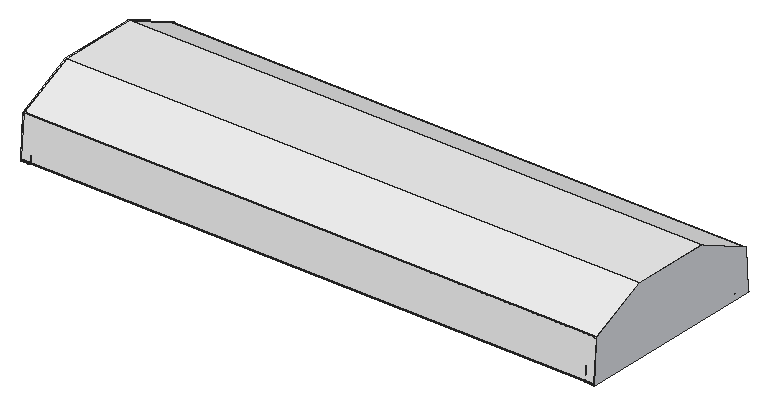
Revit family "LHBN48", category Lighting Fixtures, host Ceiling, Revit 2023
Family settings
  Host = Ceiling
  Round Connector Dimension = Use Diameter
  Part Type = Normal
  OmniClass Number = 23.80.70.11.14.11
  OmniClass Title = Downlights
  Always vertical = Yes
  Cut with Voids When Loaded = No
  Light Source = Yes
  Maintain Annotation Orientation = No
  Shared = No
  Room Calculation Point = No
Parameters (values of type "LHBN48-LED840K240LUNV")
  Width = 1' - 4"
  Wattage = 204.828 W
  built-in parameter 1150110 = 1 (stored number, unit not read)
  Voltage = 120 V  # constant formula
  URL = "https://viscor.com/products/lhbn"
  built-in parameter 1114217 = 0.9 (stored number, unit not read)
  Tilt Angle = 90.00°
  built-in parameter 1150109 = 1 (stored number, unit not read)
  built-in parameter 1150134 = 12
  built-in parameter 1150113 = 1 (stored number, unit not read)
  Photometric Web File = "LHBN48-LED840K240LUNV.ies"
  Model = "LHBN"  # constant formula
  Manufacturer = "VISIONEERING by VISCOR"  # constant formula
  Lumens = 21425 lm
  built-in parameter 1150115 = 1 (stored number, unit not read)
  built-in parameter 1150105 = 1704.9 (stored number, unit not read)
  Louver Finish = Metal - Viscor - White Gloss F06
  built-in parameter 1150137 = (empty or 0)
  built-in parameter 1150139 = (empty or 0)
  Lens Finish = Acrylic - Viscor - Frosted, Impact Round Extruded
  Length = 3' - 11 3/4"
  Lamp Wattage = 204.7 VA
  built-in parameter 1150112 = 1 (stored number, unit not read)
  built-in parameter 1150114 = 1 (stored number, unit not read)
  Lamp = "LED"  # constant formula
  built-in parameter 1150132 = (empty or 0)
  built-in parameter 1150102 = (empty or 0)
  built-in parameter 1150138 = (empty or 0)
  built-in parameter 1150107 = 4000 (stored number, unit not read)
  built-in parameter 1150106 = 17.049 (stored number, unit not read)
  Housing Finish = Metal - Viscor - White
  Height = 0' - 5 1/2"
  Emit from Rectangle Width = Width  # 1' - 4"
  Emit from Rectangle Length = Length  # 3' - 11 3/4"
  Emit Shape Visible in Rendering = no
  built-in parameter 1150104 = 9.7177 (stored number, unit not read)
  Dimming Lamp Color Temperature Shift = <None>
  Description = "LED - Linear High-Bay Narrow"  # constant formula
  Default Elevation = 0' - 0"
  Color Filter = 16777215
  built-in parameter 1114218 = 1 (stored number, unit not read)
  built-in parameter 1150133 = 10 (stored number, unit not read)
  Assembly Code = "D5020200"
  Apparent Load = Lamp Wattage  # 204.7 VA
Types (9): name | Wattage | Photometric Web File | Lumens | built-in parameter 1150105 | Lamp Wattage | built-in parameter 1150106 | built-in parameter 1150104 | Apparent Load
  (no name) | 204.828 W | "LHBN48-LED840K240LUNV.ies" | 21425 lm | 1704.9 (stored number, unit not read) | 204.7 VA | 17.049 (stored number, unit not read) | 9.7177 (stored number, unit not read) | 204.7 VA
  LHBN48-LED840K120LUNV-C27 | 100.121 W | "LHBN48-LED840K120LUNV-C27.ies" | 12435 lm | 989.55 (stored number, unit not read) | 100.1 VA | 9.8955 (stored number, unit not read) | 11.539 (stored number, unit not read) | 100.1 VA
  LHBN48-LED840K150LUNV-C27 | 117.629 W | "LHBN48-LED840K150LUNV-C27.ies" | 15033 lm | 1196.3 (stored number, unit not read) | 117.6 VA | 11.963 (stored number, unit not read) | 11.873 (stored number, unit not read) | 117.6 VA
  LHBN48-LED840K180LUNV-C27 | 158.705 W | "LHBN48-LED840K180LUNV-C27.ies" | 19981 lm | 1590 (stored number, unit not read) | 158.7 VA | 15.9 (stored number, unit not read) | 11.696 (stored number, unit not read) | 158.7 VA
  LHBN48-LED840K240LUNV-C27 | 204.722 W | "LHBN48-LED840K240LUNV-C27.ies" | 24321 lm | 1935.4 (stored number, unit not read) | 204.7 VA | 19.354 (stored number, unit not read) | 11.037 (stored number, unit not read) | 204.7 VA
  LHBN48-LED840K120LUNV | 100.128 W | "LHBN48-LED840K120LUNV.ies" | 10954 lm | 871.69 (stored number, unit not read) | 100.1 VA | 8.7169 (stored number, unit not read) | 10.164 (stored number, unit not read) | 100.1 VA
  LHBN48-LED840K150LUNV | 117.696 W | "LHBN48-LED840K150LUNV.ies" | 13335 lm | 1061.2 (stored number, unit not read) | 117.6 VA | 10.612 (stored number, unit not read) | 10.526 (stored number, unit not read) | 117.6 VA
  LHBN48-LED840K180LUNV | 158.729 W | "LHBN48-LED840K180LUNV.ies" | 17603 lm | 1400.8 (stored number, unit not read) | 158.7 VA | 14.008 (stored number, unit not read) | 10.303 (stored number, unit not read) | 158.7 VA
  LHBN48-LED840K240LUNV | 204.828 W | "LHBN48-LED840K240LUNV.ies" | 21425 lm | 1704.9 (stored number, unit not read) | 204.7 VA | 17.049 (stored number, unit not read) | 9.7177 (stored number, unit not read) | 204.7 VA
Reference planes (in)
  plane 1 "Light Source Axis (F/B)": y = 0
  plane 2 "Ceiling": z = 240
  plane 3 "Light Source Axis (L/R)": x = 0
  plane 4 "Light Source Elevation": z = 234.3125
  plane 5: x = -23.875
  plane 6: x = 23.875
  plane 7: y = 8
  plane 8: y = -8
  plane 9: x = -23.845
  plane 10: x = 23.845
  plane 11: x = -22.985
  plane 12: x = 22.985
  plane 13: y = 6.482
  plane 14: y = -6.482
  plane 15: x = -22.3
  plane 16: x = 22.3
  plane 17: y = 5.75
  plane 18: y = -5.75
Forms (in)
  Extrusion 1, solid, material "Metal - Viscor - White" <- "Housing Finish"
    sketch origin (0, 0, 0) x (0, 1, 0) y (0, 0, 1)
      loop
        line (5.87464, 235.599) -> (6.46064, 235.599)
        arc (6.46064, 235.599) -> (6.48822, 235.58758) -> (6.49964, 235.56) r 0.039
        line (6.49964, 235.56) -> (6.49964, 234.92758)
        arc (6.49964, 234.92758) -> (6.50489, 234.90118) -> (6.51985, 234.87879) r 0.069
        line (6.51985, 234.87879) -> (6.97943, 234.41921)
        arc (6.97943, 234.41921) -> (7.00182, 234.40425) -> (7.02822, 234.399) r 0.069
        line (7.02822, 234.399) -> (7.92434, 234.399)
        arc (7.92434, 234.399) -> (7.97521, 234.42138) -> (7.99308, 234.47401) r 0.069
        line (7.99308, 234.47401) -> (7.70347, 237.78425)
        arc (7.70347, 237.78425) -> (7.69126, 237.81781) -> (7.6639, 237.84077) r 0.069
        line (7.6639, 237.84077) -> (3.25, 239.899) -> (-3.25, 239.899) -> (-7.6639, 237.84077)
        arc (-7.6639, 237.84077) -> (-7.69126, 237.81781) -> (-7.70347, 237.78425) r 0.069
        line (-7.70347, 237.78425) -> (-7.99308, 234.47401)
        arc (-7.99308, 234.47401) -> (-7.97521, 234.42138) -> (-7.92434, 234.399) r 0.069
        line (-7.92434, 234.399) -> (-7.02822, 234.399)
        arc (-7.02822, 234.399) -> (-7.00182, 234.40425) -> (-6.97943, 234.41921) r 0.069
        line (-6.97943, 234.41921) -> (-6.51985, 234.87879)
        arc (-6.51985, 234.87879) -> (-6.50489, 234.90118) -> (-6.49964, 234.92758) r 0.069
        line (-6.49964, 234.92758) -> (-6.49964, 235.56)
        arc (-6.49964, 235.56) -> (-6.48822, 235.58758) -> (-6.46064, 235.599) r 0.039
        line (-6.46064, 235.599) -> (-5.87464, 235.599) -> (-5.87464, 235.63025) -> (-6.46064, 235.63025)
        arc (-6.46064, 235.63025) -> (-6.51032, 235.60967) -> (-6.53089, 235.56) r 0.07025
        line (-6.53089, 235.56) -> (-6.53089, 234.91194) -> (-7.01259, 234.43025) -> (-7.92434, 234.43025)
        arc (-7.92434, 234.43025) -> (-7.95217, 234.4425) -> (-7.96195, 234.47129) r 0.03775
        line (-7.96195, 234.47129) -> (-7.67234, 237.78152)
        arc (-7.67234, 237.78152) -> (-7.66566, 237.79988) -> (-7.65069, 237.81244) r 0.03775
        line (-7.65069, 237.81244) -> (-3.24307, 239.86775) -> (3.24307, 239.86775) -> (7.65069, 237.81244)
        arc (7.65069, 237.81244) -> (7.66566, 237.79988) -> (7.67234, 237.78152) r 0.03775
        line (7.67234, 237.78152) -> (7.96195, 234.47129)
        arc (7.96195, 234.47129) -> (7.95217, 234.4425) -> (7.92434, 234.43025) r 0.03775
        line (7.92434, 234.43025) -> (7.01259, 234.43025) -> (6.53089, 234.91194) -> (6.53089, 235.56)
        arc (6.53089, 235.56) -> (6.51032, 235.60967) -> (6.46064, 235.63025) r 0.07025
        line (6.46064, 235.63025) -> (5.87464, 235.63025) -> (5.87464, 235.599)
    from -23.845 to 23.845
  Extrusion 2, solid
    sketch origin (0, 0, 0) x (0, 1, 0) y (0, 0, 1)
      loop
        line (8, 234.364) -> (8, 234.509) -> (7.70949, 237.8295) -> (3.25, 239.909) -> (-3.25, 239.909) -> (-7.70949, 237.8295) -> (-8, 234.509) -> (-8, 234.364) -> (8, 234.364)
    from 23.845 to 23.875
  Extrusion 3, solid, material "Metal - Viscor - White" <- "Housing Finish"
    sketch origin (0, 0, 0) x (0, 1, 0) y (0, 0, -1)
      loop
        line (8, -234.364) -> (-8, -234.364) -> (-8, -234.509) -> (-7.70949, -237.8295) -> (-3.25, -239.909) -> (3.25, -239.909) -> (7.70949, -237.8295) -> (8, -234.509) -> (8, -234.364)
    from 23.845 to 23.875
  Extrusion 4, solid, material "Metal - Viscor - White" <- "Housing Finish"
    sketch origin (0, 0, 0) x (1, 0, 0) y (0, 0, 1)
      loop
        line (-23.845, 234.36441) -> (-23.124, 234.36441)
        arc (-23.124, 234.36441) -> (-23.07521, 234.38462) -> (-23.055, 234.43341) r 0.069
        line (-23.055, 234.43341) -> (-23.055, 235.56041)
        arc (-23.055, 235.56041) -> (-23.04358, 235.58799) -> (-23.016, 235.59941) r 0.039
        line (-23.016, 235.59941) -> (-22.68, 235.59941) -> (-22.68, 235.63066) -> (-23.016, 235.63066)
        arc (-23.016, 235.63066) -> (-23.06567, 235.61009) -> (-23.08625, 235.56041) r 0.07025
        line (-23.08625, 235.56041) -> (-23.08625, 234.43341)
        arc (-23.08625, 234.43341) -> (-23.09731, 234.40672) -> (-23.124, 234.39566) r 0.03775
        line (-23.124, 234.39566) -> (-23.845, 234.39566) -> (-23.845, 234.36441)
    from -8 to 8
  Extrusion 5, solid, material "Metal - Viscor - White" <- "Housing Finish"
    sketch origin (0, 0, 0) x (-1, 0, 0) y (0, 0, -1)
      loop
        line (-23.845, -234.36441) -> (-23.845, -234.39566) -> (-23.124, -234.39566)
        arc (-23.124, -234.39566) -> (-23.09731, -234.40672) -> (-23.08625, -234.43341) r 0.03775
        line (-23.08625, -234.43341) -> (-23.08625, -235.56041)
        arc (-23.08625, -235.56041) -> (-23.06567, -235.61009) -> (-23.016, -235.63066) r 0.07025
        line (-23.016, -235.63066) -> (-22.68, -235.63066) -> (-22.68, -235.59941) -> (-23.016, -235.59941)
        arc (-23.016, -235.59941) -> (-23.04358, -235.58799) -> (-23.055, -235.56041) r 0.039
        line (-23.055, -235.56041) -> (-23.055, -234.43341)
        arc (-23.055, -234.43341) -> (-23.07521, -234.38462) -> (-23.124, -234.36441) r 0.069
        line (-23.124, -234.36441) -> (-23.845, -234.36441)
    from -8 to 8
  Extrusion 6, void
    sketch origin (0, 0, 0) x (0, 1, 0) y (0, 0, 1)
      loop
        line (7.95865, 234.509) -> (8, 234.509) -> (8, 235.63066) -> (7.86052, 235.63066) -> (7.95865, 234.509)
    from -23.875 to 23.875
  Extrusion 7, void
    sketch origin (0, 0, 0) x (0, -1, 0) y (0, 0, -1)
      loop
        line (7.95865, -234.509) -> (7.86052, -235.63066) -> (8, -235.63066) -> (8, -234.509) -> (7.95865, -234.509)
    from -23.845 to 23.875
  Extrusion 8, solid, material "Metal - Viscor - White" <- "Housing Finish"
    sketch origin (0, 0, 0) x (0, 1, 0) y (0, 0, 1)
      loop
        line (6.406, 235.599) -> (-6.406, 235.599)
        arc (-6.406, 235.599) -> (-6.45479, 235.57879) -> (-6.475, 235.53) r 0.069
        line (-6.475, 235.53) -> (-6.475, 234.98)
        arc (-6.475, 234.98) -> (-6.45479, 234.93121) -> (-6.406, 234.911) r 0.069
        line (-6.406, 234.911) -> (6.406, 234.911)
        arc (6.406, 234.911) -> (6.45479, 234.93121) -> (6.475, 234.98) r 0.069
        line (6.475, 234.98) -> (6.475, 235.53)
        arc (6.475, 235.53) -> (6.45479, 235.57879) -> (6.406, 235.599) r 0.069
      loop
        arc (-6.406, 235.56775) -> (-6.43269, 235.55669) -> (-6.44375, 235.53) r 0.03775
        line (-6.44375, 235.53) -> (-6.44375, 234.98)
        arc (-6.44375, 234.98) -> (-6.43269, 234.95331) -> (-6.406, 234.94225) r 0.03775
        line (-6.406, 234.94225) -> (6.406, 234.94225)
        arc (6.406, 234.94225) -> (6.43269, 234.95331) -> (6.44375, 234.98) r 0.03775
        line (6.44375, 234.98) -> (6.44375, 235.53)
        arc (6.44375, 235.53) -> (6.43269, 235.55669) -> (6.406, 235.56775) r 0.03775
        line (6.406, 235.56775) -> (-6.406, 235.56775)
    from -22.985 to 22.985
  Extrusion 9, void
    sketch origin (0, 0, 90.375) x (0, 1, 0) y (-1, 0, 0)
      loop
        line (5.75, 22.3) -> (-5.75, 22.3) -> (-5.75, -22.3) -> (5.75, -22.3) -> (5.75, 22.3)
    from 144.41659 to 144.9375
  Extrusion 10, solid, material "Acrylic - Viscor - Frosted, Impact Round Extruded" <- "Lens Finish"
    sketch origin (0, 0, 0) x (0, 1, 0) y (0, 0, 1)
      loop
        line (6.4375, 234.964) -> (6.4375, 235.12148) -> (-6.4375, 235.12148) -> (-6.4375, 234.964) -> (6.4375, 234.964)
    from -22.53906 to 22.68
Cuts and joins
  Extrusion 7 cuts Extrusion 2
  Extrusion 6, Extrusion 7 cuts Extrusion 4
  Extrusion 6, Extrusion 7 cuts Extrusion 5
Dimensions and locks (in)
  equal spacing: host sketch curve, plane 3 "Light Source Axis (L/R)", host sketch curve
  equal spacing: host sketch curve, plane 1 "Light Source Axis (F/B)", host sketch curve
  host sketch curve to host sketch curve = 10' - 0"  (x2)
  equal spacing: plane 5, plane 3 "Light Source Axis (L/R)", plane 6
  "Length": plane 5 to plane 6
  equal spacing: plane 7, plane 1 "Light Source Axis (F/B)", plane 8
  "Width": plane 7 to plane 8
  locked: plane 5 to plane 9 at 0.03
  locked: plane 10 to plane 6 at 0.03
  locked: plane 5 to plane 11 at 0.89
  locked: plane 12 to plane 6 at 0.89
  locked: plane 13 to plane 7 at 1.518
  plane 8 to plane 14 to plane 1 "Light Source Axis (F/B)" = 0' - 1.518" locked, 0' - 6.482"
  equal spacing: plane 15, plane 3 "Light Source Axis (L/R)", plane 16, locked at 22.3 each
  plane 15 to plane 16 = 3' - 8.6"
  equal spacing: plane 17, plane 1 "Light Source Axis (F/B)", plane 18, locked at 5.75 each
  plane 17 to plane 18 = 0' - 11 1/2"
  aligned and locked: plane 3 "Light Source Axis (L/R)" to imposter light
  aligned and locked: imposter light to plane 1 "Light Source Axis (F/B)"
  aligned and locked: plane 4 "Light Source Elevation" to imposter light
  aligned and locked: Extrusion 1 to plane 9
  aligned and locked: plane 10 to Extrusion 1
  aligned and locked: plane 6 to Extrusion 2
  aligned and locked: Extrusion 3 to plane 5
  aligned and locked: plane 9 to Extrusion 3
  aligned and locked: Extrusion 2 to plane 10
  aligned and locked: plane 7 to Extrusion 4
  aligned and locked: Extrusion 4 to plane 8
  aligned and locked: Extrusion 5 to plane 8
  aligned and locked: plane 7 to Extrusion 5
  aligned and locked: Extrusion 8 to plane 11
  aligned and locked: plane 12 to Extrusion 8
  aligned and locked: Extrusion 9 to plane 15
  aligned and locked: Extrusion 9 to plane 17
  aligned and locked: plane 16 to Extrusion 9
  aligned and locked: Extrusion 9 to plane 18
Automatic sketch dimensions
  Extrusion 1 sketch curve to Extrusion 1 sketch curve = 0' - 0"  (x12)
  plane 8 to Extrusion 1 sketch curve = 0' - 0.00692"
  Extrusion 1 sketch curve to Extrusion 1 sketch curve = 0' - 0.03113"  (x3)
  Extrusion 1 sketch curve to Extrusion 1 sketch curve = 0' - 0.03761"  (x4)
  plane 8 to Extrusion 1 sketch curve = 0' - 0.29653"
  Extrusion 1 sketch curve to Extrusion 1 sketch curve = 0' - 0.00845"
  Extrusion 1 sketch curve to Extrusion 1 sketch curve = 0' - 0.01321"  (x2)
  Extrusion 1 sketch curve to plane 4 "Light Source Elevation" = 0' - 0.0865"
  Extrusion 1 sketch curve to plane 14 = 0' - 0.54622"
  Extrusion 1 sketch curve to Extrusion 1 sketch curve = 0' - 0 1/64"  (x4)
  Extrusion 1 sketch curve to plane 4 "Light Source Elevation" = 0' - 0.10671"  (x2)
  Extrusion 1 sketch curve to Extrusion 1 sketch curve = 0' - 0.03315"  (x2)
  Extrusion 1 sketch curve to plane 14 = 0' - 0.08664"
  Extrusion 1 sketch curve to plane 14 = 0' - 0.04889"
  Extrusion 1 sketch curve to Extrusion 1 sketch curve = 0' - 0.01104"  (x3)
  Extrusion 1 sketch curve to plane 14 = 0' - 0.01764"
  plane 14 to Extrusion 1 sketch curve = 0' - 0.02136"
  Extrusion 1 sketch curve to Extrusion 1 sketch curve = 0' - 0.586"
  Extrusion 1 sketch curve to plane 2 "Ceiling" = 0' - 0.101"
  plane 14 to Extrusion 1 sketch curve = 0' - 3.232"
  Extrusion 1 sketch curve to Extrusion 1 sketch curve = 0' - 0.00693"  (x2)
  Extrusion 1 sketch curve to plane 2 "Ceiling" = 0' - 0.13225"
  Extrusion 1 sketch curve to plane 13 = 0' - 3.23893"
  Extrusion 1 sketch curve to plane 13 = 0' - 0.60736"
  Extrusion 1 sketch curve to plane 13 = 0' - 0.02136"
  plane 13 to Extrusion 1 sketch curve = 0' - 0.01764"
  plane 13 to Extrusion 1 sketch curve = 0' - 0.03785"
  Extrusion 1 sketch curve to Extrusion 1 sketch curve = 0' - 0 1/32"
  Extrusion 1 sketch curve to Extrusion 1 sketch curve = 0' - 0.03775"  (x3)
  plane 13 to Extrusion 1 sketch curve = 0' - 0.49743"
  Extrusion 1 sketch curve to plane 7 = 0' - 0.36527"
  Extrusion 1 sketch curve to Extrusion 1 sketch curve = 0' - 0.01595"
  Extrusion 1 sketch curve to plane 7 = 0' - 0.07566"
  Extrusion 1 sketch curve to plane 7 = 0' - 0.00692"
  Extrusion 1 sketch curve to Extrusion 1 sketch curve = 0' - 0.02021"
  Extrusion 1 sketch curve to plane 4 "Light Source Elevation" = 0' - 0.56629"  (x2)
  Extrusion 1 sketch curve to Extrusion 1 sketch curve = 0' - 0.63242"  (x2)
  Extrusion 1 sketch curve to plane 2 "Ceiling" = 0' - 2.22177"  (x2)
  Extrusion 1 sketch curve to Extrusion 1 sketch curve = 0' - 0.00329"  (x2)
  Extrusion 1 sketch curve to Extrusion 1 sketch curve = 0' - 0.00272"  (x2)
  Extrusion 2 sketch curve to plane 8 = 0' - 0"
  Extrusion 2 sketch curve to plane 7 = 0' - 0"
  plane 8 to Extrusion 2 sketch curve = 0' - 0.29051"
  Extrusion 2 sketch curve to plane 2 "Ceiling" = 0' - 0.091"  (x2)
  plane 14 to Extrusion 2 sketch curve = 0' - 3.232"
  Extrusion 2 sketch curve to plane 13 = 0' - 3.232"
  Extrusion 2 sketch curve to plane 7 = 0' - 0.29051"
  Extrusion 2 sketch curve to plane 2 "Ceiling" = 0' - 2.1705"  (x2)
  Extrusion 2 sketch curve to plane 4 "Light Source Elevation" = 0' - 0.1965"  (x2)
  Extrusion 2 sketch curve to plane 4 "Light Source Elevation" = 0' - 0.0515"
  Extrusion 3 sketch curve to plane 8 = 0' - 0"
  Extrusion 3 sketch curve to plane 7 = 0' - 0"
  plane 8 to Extrusion 3 sketch curve = 0' - 0.29051"
  Extrusion 3 sketch curve to plane 2 "Ceiling" = 0' - 0.091"  (x2)
  plane 14 to Extrusion 3 sketch curve = 0' - 3.232"
  Extrusion 3 sketch curve to plane 13 = 0' - 3.232"
  Extrusion 3 sketch curve to plane 7 = 0' - 0.29051"
  Extrusion 3 sketch curve to plane 2 "Ceiling" = 0' - 2.1705"  (x2)
  Extrusion 3 sketch curve to plane 4 "Light Source Elevation" = 0' - 0.1965"  (x2)
  Extrusion 3 sketch curve to plane 4 "Light Source Elevation" = 0' - 0.0515"
  Extrusion 4 sketch curve to Extrusion 4 sketch curve = 0' - 0"  (x4)
  Extrusion 4 sketch curve to plane 9 = 0' - 0"
  Extrusion 4 sketch curve to plane 11 = 0' - 0.139"
  Extrusion 4 sketch curve to Extrusion 4 sketch curve = 0' - 0.03775"
  Extrusion 4 sketch curve to Extrusion 4 sketch curve = 0' - 0 1/32"
  Extrusion 4 sketch curve to plane 11 = 0' - 0.031"
  plane 11 to Extrusion 4 sketch curve = 0' - 0.305"
  Extrusion 4 sketch curve to plane 4 "Light Source Elevation" = 0' - 0.05191"
  Extrusion 4 sketch curve to Extrusion 4 sketch curve = 0' - 1.127"
  Extrusion 5 sketch curve to Extrusion 5 sketch curve = 0' - 0"  (x4)
  Extrusion 5 sketch curve to plane 10 = 0' - 0"
  plane 12 to Extrusion 5 sketch curve = 0' - 0.139"
  Extrusion 5 sketch curve to Extrusion 5 sketch curve = 0' - 0.03775"
  Extrusion 5 sketch curve to Extrusion 5 sketch curve = 0' - 0 1/32"
  plane 12 to Extrusion 5 sketch curve = 0' - 0.031"
  Extrusion 5 sketch curve to plane 12 = 0' - 0.305"
  Extrusion 5 sketch curve to plane 4 "Light Source Elevation" = 0' - 1.31816"
  Extrusion 5 sketch curve to plane 4 "Light Source Elevation" = 0' - 0.12091"
  Extrusion 6 sketch curve to plane 7 = 0' - 0"
  Extrusion 6 sketch curve to plane 4 "Light Source Elevation" = 0' - 1.31816"
  Extrusion 6 sketch curve to plane 7 = 0' - 0.04135"
  Extrusion 6 sketch curve to plane 7 = 0' - 0.13948"
  Extrusion 6 sketch curve to plane 4 "Light Source Elevation" = 0' - 0.1965"
  Extrusion 7 sketch curve to plane 8 = 0' - 0"
  plane 8 to Extrusion 7 sketch curve = 0' - 0.13948"
  Extrusion 7 sketch curve to plane 4 "Light Source Elevation" = 0' - 1.31816"
  plane 8 to Extrusion 7 sketch curve = 0' - 0.04135"
  Extrusion 7 sketch curve to plane 4 "Light Source Elevation" = 0' - 0.1965"
  Extrusion 8 sketch curve to plane 13 = 0' - 0.076"
  Extrusion 8 sketch curve to plane 13 = 0' - 0.007"
  Extrusion 8 sketch curve to plane 4 "Light Source Elevation" = 0' - 1.2175"
  Extrusion 8 sketch curve to Extrusion 8 sketch curve = 0' - 0.069"  (x3)
  plane 14 to Extrusion 8 sketch curve = 0' - 0.076"
  Extrusion 8 sketch curve to Extrusion 8 sketch curve = 0' - 0.55"
  Extrusion 8 sketch curve to Extrusion 8 sketch curve = 0' - 0 1/32"
  Extrusion 8 sketch curve to Extrusion 8 sketch curve = 0' - 0"  (x7)
  plane 18 to Extrusion 9 sketch curve = 0' - 0"
  Extrusion 9 sketch curve to plane 17 = 0' - 0"
  Extrusion 9 sketch curve to plane 16 = 0' - 0"
  plane 15 to Extrusion 9 sketch curve = 0' - 0"
  plane 14 to Extrusion 10 sketch curve = 0' - 0.0445"
  Extrusion 10 sketch curve to plane 13 = 0' - 0.0445"
  Extrusion 10 sketch curve to plane 4 "Light Source Elevation" = 0' - 0.6515"
  Extrusion 10 sketch curve to Extrusion 10 sketch curve = 0' - 0.15748"
Connectors (in)
  electrical at (0, 0, 234.3125), driven by "Voltage", driven by "Lamp Wattage"
    settings: index 2, voltage 120 V, apparent load 0 VA, apparent load phase1 204.7 VA, apparent load phase2 0 VA, apparent load phase3 0 VA, power factor 1, load classification "Other", number of poles 1, system type 31, power factor state 1, is connector primary yes, connector utility no, sub classification motor no, connector description ""
